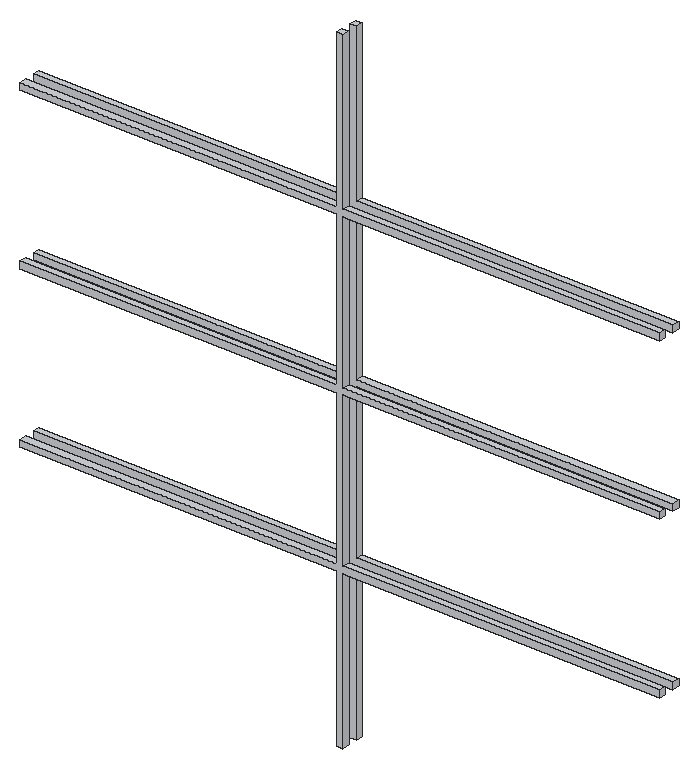
Revit family "M_Padrão do montante_2x4", category Modelos genéricos, Revit 2019
Family settings
  Pode hospedar o vergalhão = Não
  Cota do conector redondo = Utilizar diâmetro
  Tipo de parte = Normal
  Com base no plano de trabalho = Não
  Sempre na vertical = Sim
  Corte com vazios quando carregada = Não
  Compartilhado = Sim
  Ponto de cálculo do ambiente = Não
Parameters
  Largura [instance] = 1200 mm
  Espessura = 12.7 mm
  Altura [instance] = 1200 mm
  Material interior [instance] = none
  Material externo [instance] = none
  Distância = 19.05 mm
Reference planes
  plane 1 "Centro (Frente/Trás)": y = 0
  plane 2: z = 0
  plane 3 "Centro (Esquerda/Direita)": x = 0
  plane 4: z = 1200
  plane 5: x = -600
  plane 6: x = 600
  plane 7: z = 600
  plane 8 "a": y = 9.525
  plane 9 "b": y = -9.525
  plane 10: y = 22.225
  plane 11: y = -22.225
  plane 12: z = 906.35
  plane 13: z = 893.65
  plane 14: z = 306.35
  plane 15: z = 293.65
  plane 16: z = 900
  plane 17: z = 300
  plane 18: x = -6.35
  plane 19: x = 6.35
  plane 20: z = 606.35
  plane 21: z = 593.65
Forms (mm)
  Extrusion 1, solid, material <- "Material externo", detail levels fine
    sketch origin (0, 9.525, 0) x (-1, 0, 0) y (0, 0, 1)
      loop
        line (6.35, 1200) -> (-6.35, 1200) -> (-6.35, 906.35) -> (-600, 906.35) -> (-600, 893.65) -> (-6.35, 893.65) -> (-6.35, 606.35) -> (-600, 606.35) -> (-600, 593.65) -> (-6.35, 593.65) -> (-6.35, 306.35) -> (-600, 306.35) -> (-600, 293.65) -> (-6.35, 293.65) -> (-6.35, 0) -> (6.35, 0) -> (6.35, 293.65) -> (600, 293.65) -> (600, 306.35) -> (6.35, 306.35) -> (6.35, 593.65) -> (600, 593.65) -> (600, 606.35) -> (6.35, 606.35) -> (6.35, 893.65) -> (600, 893.65) -> (600, 906.35) -> (6.35, 906.35) -> (6.35, 1200)
    from 0 to 12.7
  Extrusion 2, solid, material <- "Material interior", detail levels fine
    sketch origin (0, -9.525, 0) x (-1, 0, 0) y (0, 0, 1)
      loop
        line (6.35, 1200) -> (-6.35, 1200) -> (-6.35, 906.35) -> (-600, 906.35) -> (-600, 893.65) -> (-6.35, 893.65) -> (-6.35, 606.35) -> (-600, 606.35) -> (-600, 593.65) -> (-6.35, 593.65) -> (-6.35, 306.35) -> (-600, 306.35) -> (-600, 293.65) -> (-6.35, 293.65) -> (-6.35, 0) -> (6.35, 0) -> (6.35, 293.65) -> (600, 293.65) -> (600, 306.35) -> (6.35, 306.35) -> (6.35, 593.65) -> (600, 593.65) -> (600, 606.35) -> (6.35, 606.35) -> (6.35, 893.65) -> (600, 893.65) -> (600, 906.35) -> (6.35, 906.35) -> (6.35, 1200)
    from 0 to -12.7
Lines and regions (mm)
  model lines, detail levels medium
    curve 1: line (-600, 9.525, 900) -> (600, 9.525, 900)
    curve 2: line (-600, 9.525, 300) -> (600, 9.525, 300)
    curve 3: line (0, 9.525, 1200) -> (0, 9.525, 0)
    curve 4: line (-600, -9.525, 900) -> (600, -9.525, 900)
    curve 5: line (-600, -9.525, 300) -> (600, -9.525, 300)
    curve 6: line (0, -9.525, 0) -> (0, -9.525, 1200)
    curve 7: line (-600, -9.525, 600) -> (600, -9.525, 600)
    curve 8: line (-600, 9.525, 600) -> (600, 9.525, 600)
Dimensions and locks
  equal spacing: plane 6, plane 3 "Centro (Esquerda/Direita)", plane 5
  "Largura": plane 6 to plane 5
  "Altura": plane 4 to plane 2
  equal spacing: plane 4, plane 7, plane 2
  equal spacing: plane 8 "a", plane 1 "Centro (Frente/Trás)", plane 9 "b"
  "Distância": plane 8 "a" to plane 9 "b"
  "Espessura": plane 10 to plane 8 "a"
  "Espessura": plane 9 "b" to plane 11
  equal spacing: plane 18, plane 3 "Centro (Esquerda/Direita)", plane 19
  locked: plane 12 to plane 13 at 12.7
  locked: plane 18 to plane 19 at 12.7
  equal spacing: plane 12, plane 16, plane 13
  equal spacing: plane 14, plane 17, plane 15
  locked: plane 14 to plane 15 at 12.7
  equal spacing: plane 20, plane 7, plane 21
  locked: plane 20 to plane 21 at 12.7
  equal spacing: plane 4, plane 16, plane 7
  equal spacing: plane 7, plane 17, level
  aligned and locked: plane 2 to level
  aligned and locked: plane 5 to curve 1
  aligned and locked: plane 5 to curve 2
  aligned and locked: plane 6 to curve 2
  aligned and locked: plane 6 to curve 1
  aligned and locked: plane 2 to curve 3
  aligned and locked: plane 4 to curve 3
  aligned and locked: curve 1 to plane 16
  aligned and locked: curve 2 to plane 17
  aligned and locked: curve 3 to plane 3 "Centro (Esquerda/Direita)"
  aligned and locked: curve 4 to plane 16
  aligned and locked: plane 6 to curve 4
  aligned and locked: plane 5 to curve 4
  aligned and locked: plane 5 to curve 5
  aligned and locked: curve 5 to plane 17
  aligned and locked: plane 6 to curve 5
  aligned and locked: plane 4 to curve 6
  aligned and locked: plane 3 "Centro (Esquerda/Direita)" to curve 6
  aligned and locked: level to curve 6
  aligned and locked: plane 6 to curve 7
  aligned and locked: curve 7 to plane 7
  aligned and locked: plane 5 to curve 7
  aligned and locked: curve 8 to plane 7
  aligned and locked: plane 6 to curve 8
  aligned and locked: plane 5 to curve 8
  aligned and locked: plane 4 to Extrusion 1 sketch curve
  aligned and locked: plane 18 to Extrusion 1 sketch curve  (x4)
  aligned and locked: Extrusion 1 sketch curve to plane 19  (x4)
  aligned and locked: plane 12 to Extrusion 1 sketch curve
  aligned and locked: Extrusion 1 sketch curve to plane 12
  aligned and locked: Extrusion 1 sketch curve to plane 5  (x3)
  aligned and locked: Extrusion 1 sketch curve to plane 13
  aligned and locked: plane 6 to Extrusion 1 sketch curve  (x3)
  aligned and locked: plane 13 to Extrusion 1 sketch curve
  aligned and locked: plane 20 to Extrusion 1 sketch curve
  aligned and locked: Extrusion 1 sketch curve to plane 20
  aligned and locked: Extrusion 1 sketch curve to plane 21  (x2)
  aligned and locked: plane 14 to Extrusion 1 sketch curve
  aligned and locked: Extrusion 1 sketch curve to plane 14
  aligned and locked: Extrusion 1 sketch curve to plane 15  (x2)
  aligned and locked: Extrusion 1 sketch curve to level
  aligned and locked: Extrusion 1 to plane 8 "a"
  aligned and locked: Extrusion 1 to plane 10
  aligned and locked: plane 4 to Extrusion 2 sketch curve
  aligned and locked: plane 18 to Extrusion 2 sketch curve  (x4)
  aligned and locked: Extrusion 2 sketch curve to plane 19  (x4)
  aligned and locked: plane 12 to Extrusion 2 sketch curve
  aligned and locked: Extrusion 2 sketch curve to plane 13
  aligned and locked: Extrusion 2 sketch curve to plane 5  (x3)
  aligned and locked: Extrusion 2 sketch curve to plane 12
  aligned and locked: plane 13 to Extrusion 2 sketch curve
  aligned and locked: plane 6 to Extrusion 2 sketch curve  (x3)
  aligned and locked: plane 20 to Extrusion 2 sketch curve
  aligned and locked: Extrusion 2 sketch curve to plane 20
  aligned and locked: Extrusion 2 sketch curve to plane 21  (x2)
  aligned and locked: plane 14 to Extrusion 2 sketch curve
  aligned and locked: Extrusion 2 sketch curve to plane 14
  aligned and locked: Extrusion 2 sketch curve to plane 15  (x2)
  aligned and locked: Extrusion 2 sketch curve to level
  aligned and locked: plane 9 "b" to Extrusion 2
  aligned and locked: Extrusion 2 to plane 11
